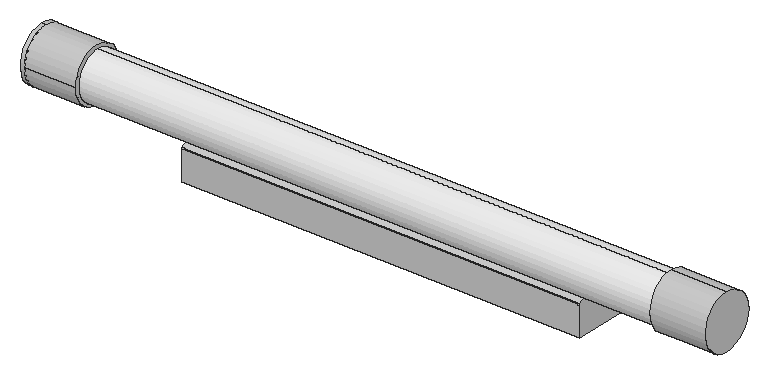
Revit family "2-5140-24 Zenith", category Lighting Fixtures, Revit 2014
Parameters
  Wattage = 5.60111 W
  built-in parameter 1150110 = 1 (stored number, unit not read)
  URL = "http://www.oxygenlighting.com"
  Type Comments = "Lighting - Fluorescent"
  built-in parameter 1114217 = 1 (stored number, unit not read)
  Tilt Angle = -90.00°
  built-in parameter 1150109 = 1 (stored number, unit not read)
  built-in parameter 1150134 = (empty or 0)
  built-in parameter 1150113 = 1 (stored number, unit not read)
  Product Documentation Link = "http://oxygenlighting.com.s3.amazonaws.com/downloads/cutsheets/2-5140-xx.pdf"
  Photometric Web File = "2-5140-24 Zenith 24 ITL77181.IES"
  Model = "2-5140-24"
  Metal Finish = Satin Nickel
  Manufacturer = "Oxygen Lighting"
  Lumens = 832 lm
  built-in parameter 1150115 = 1 (stored number, unit not read)
  built-in parameter 1150105 = 66.208 (stored number, unit not read)
  built-in parameter 1150137 = (empty or 0)
  built-in parameter 1150139 = (empty or 0)
  built-in parameter 1150112 = 1 (stored number, unit not read)
  Lamp Manufacturer = "Sylvania"
  built-in parameter 1150114 = 1 (stored number, unit not read)
  Lamp = "1x14W T-5 Fp14/841/ECO Linear Fluorescent"
  Junction Box = "2\"x3\" Juntion Box"
  Input Voltage (VAC) = "120.0"
  Power Factor = "0.99"
  Input Power (Watts) = 17.9 W
  Input Current (Amps AC) = ""
  built-in parameter 1150132 = 2
  built-in parameter 1150102 = (empty or 0)
  built-in parameter 1150138 = (empty or 0)
  built-in parameter 1150107 = 3000 (stored number, unit not read)
  built-in parameter 1150106 = 0.66208 (stored number, unit not read)
  Fixture Length = 2' - 0.10669"
  Fixture Height = 0' - 3.06337"
  Fixture Depth [instance] = 0' - 3.06337"
  Emit from Rectangle Width = 2' - 0"
  Emit from Rectangle Length = 4' - 0"
  Emit Shape Visible in Rendering = no
  Efficacy (lm/W) = ""
  built-in parameter 1150104 = 13.8 (stored number, unit not read)
  Dimming Lamp Color Temperature Shift = <None>
  Diffuser = Acrylic- Matte White
  Description = "24\" Vanity - 1xT-5 Linear fluorescent"
  Default Elevation = 4' - 0"
  Color Filter = 16777215
  Ballast Manufacturer = "Antron"
  built-in parameter 1114218 = 1 (stored number, unit not read)
  built-in parameter 1150133 = 10 (stored number, unit not read)
  Apparent Load = 17.9 VA
  ADA Compliant = no
Reference planes (in)
  plane 1 "Light Source Axis (F/B)": y = 0
  plane 2: z = 0
  plane 3 "Light Source Axis (L/R)": x = 0
  plane 4 "Light Source Elevation": z = 3.14481
  plane 5: y = 1.03159
  plane 6: y = -1.24966
  plane 7: y = -2.03179
  plane 8: x = -12.05335
  plane 9: x = 12.05335
  plane 10: x = -7
  plane 11: x = 7
  plane 12: z = 3.14481
Forms (in)
  Extrusion 1, solid, material "Satin Nickel" <- "Metal Finish"
    sketch origin (0, 0, 0) x (0, 1, 0) y (0, 0, 1)
      loop
        line (1.03159, 0) -> (0.02706, 1.73988)
        arc (0.02706, 1.73988) -> (0.00809, 1.75444) -> (-0.01562, 1.75132) r 0.03125
        line (-0.01562, 1.75132) -> (-1.23404, 1.04787)
        arc (-1.23404, 1.04787) -> (-1.24548, 1.03643) -> (-1.24966, 1.02081) r 0.03125
        line (-1.24966, 1.02081) -> (-1.24966, 0) -> (1.03159, 0)
    from -7 to 7
  Extrusion 2, solid, material "Satin Nickel" <- "Metal Finish"
    sketch origin (0, 0, 0) x (0, 1, 0) y (0, 0, 1)
      loop
        circle (-1.08691, 2.19993) r 0.94488
      loop
        circle (-1.08691, 2.19993) r 0.82677
    from -12.05335 to -10.10453
  Extrusion 3, solid, material "Satin Nickel" <- "Metal Finish"
    sketch origin (0, 0, 0) x (0, 1, 0) y (0, 0, 1)
      loop
        circle (-1.08691, 2.19993) r 0.94488
      loop
        circle (-1.08691, 2.19993) r 0.82677
    from 10.10453 to 12.05335
  Extrusion 4, solid, material "Acrylic- Matte White" <- "Diffuser"
    sketch origin (0, 0, 0) x (0, 1, 0) y (0, 0, 1)
      loop
        circle (-1.08691, 2.19993) r 0.82677
      loop
        circle (-1.08691, 2.19993) r 0.69375
    from -10.45 to 10.45
  Extrusion 5, solid, material "Satin Nickel" <- "Metal Finish"
    sketch origin (0, 0, 0) x (0, 1, 0) y (0, 0, 1)
      loop
        circle (-1.08691, 2.19993) r 0.94488
    from 11.90051 to 12.05335
  Extrusion 6, solid, material "Satin Nickel" <- "Metal Finish"
    sketch origin (0, 0, 0) x (0, 1, 0) y (0, 0, -1)
      loop
        circle (-1.08691, -2.19993) r 0.94488
    from 11.90051 to 12.05335
  Extrusion 7, solid, material "Satin Nickel" <- "Metal Finish", not visible
    sketch origin (0, 0, 0) x (0, 1, 0) y (0, 0, 1)
      loop
        line (1.03159, 0) -> (0.02706, 1.73988)
        arc (0.02706, 1.73988) -> (0.00809, 1.75444) -> (-0.01563, 1.75132) r 0.03125
        line (-0.01563, 1.75132) -> (-1.23404, 1.04787)
        arc (-1.23404, 1.04787) -> (-1.24548, 1.03643) -> (-1.24966, 1.02081) r 0.03125
        line (-1.24966, 1.02081) -> (-1.24966, 0) -> (1.03159, 0)
    from -7 to 7
  Extrusion 8, solid, material "Satin Nickel" <- "Metal Finish", not visible
    sketch origin (0, 0, 0) x (0, 1, 0) y (0, 0, 1)
      loop
        circle (-1.08691, 2.19993) r 0.94488
      loop
        circle (-1.08691, 2.19993) r 0.82677
    from -12.05335 to -10.10453
  Extrusion 9, solid, material "Satin Nickel" <- "Metal Finish", not visible
    sketch origin (0, 0, 0) x (0, 1, 0) y (0, 0, 1)
      loop
        circle (-1.08691, 2.19993) r 0.94488
      loop
        circle (-1.08691, 2.19993) r 0.82677
    from 10.10453 to 12.05335
  Extrusion 10, solid, material "Acrylic- Matte White" <- "Diffuser", not visible
    sketch origin (0, 0, 0) x (0, 1, 0) y (0, 0, 1)
      loop
        circle (-1.08691, 2.19993) r 0.82677
      loop
        circle (-1.08691, 2.19993) r 0.69375
    from -10.45 to 10.45
  Extrusion 11, solid, material "Satin Nickel" <- "Metal Finish", not visible
    sketch origin (0, 0, 0) x (0, 1, 0) y (0, 0, 1)
      loop
        circle (-1.08691, 2.19993) r 0.94488
    from 11.90051 to 12.05335
  Extrusion 12, solid, material "Satin Nickel" <- "Metal Finish", not visible
    sketch origin (0, 0, 0) x (0, 1, 0) y (0, 0, -1)
      loop
        circle (-1.08691, -2.19993) r 0.94488
    from 11.90051 to 12.05335
Cuts and joins
  joined: Extrusion 3, Extrusion 5
  joined: Extrusion 2, Extrusion 6
Dimensions and locks (in)
  "Fixture Height": plane 5 to plane 7
  "Fixture Length": plane 8 to plane 9
  plane 5 to plane 7 = 0' - 3.06337"
  plane 4 "Light Source Elevation" to plane 12 = 0' - 0"
  aligned and locked: plane 3 "Light Source Axis (L/R)" to imposter light
  aligned and locked: plane 1 "Light Source Axis (F/B)" to imposter light
  aligned and locked: plane 4 "Light Source Elevation" to imposter light
  aligned and locked: level to plane 2
  aligned and locked: plane 9 to Extrusion 5
Automatic sketch dimensions
  Extrusion 1 sketch curve to Extrusion 1 sketch curve = 0' - 0.70345"
  Extrusion 1 sketch curve to Extrusion 1 sketch curve = 0' - 0 1/64"  (x3)
  Extrusion 2 sketch curve to Extrusion 2 sketch curve = 0' - 0"  (x4)
  Extrusion 3 sketch curve to Extrusion 3 sketch curve = 0' - 0"  (x14)
  Extrusion 3 sketch curve to Extrusion 3 sketch curve = 0' - 0.82677"
  Extrusion 3 sketch curve to Extrusion 3 sketch curve = 0' - 0.11811"
  Extrusion 4 sketch curve to Extrusion 4 sketch curve = 0' - 0"  (x8)
  Extrusion 4 sketch curve to Extrusion 4 sketch curve = 0' - 0.82677"
  Extrusion 5 sketch curve to Extrusion 5 sketch curve = 0' - 0.94488"
  Extrusion 6 sketch curve to Extrusion 6 sketch curve = 0' - 0.94488"
  Extrusion 1 sketch curve to Extrusion 1 sketch curve = 0' - 0 1/32"
  Extrusion 1 sketch curve to Extrusion 1 sketch curve = 0' - 1.21841"
  Extrusion 1 sketch curve to Extrusion 1 sketch curve = 0' - 0.02706"
  Extrusion 1 sketch curve to Extrusion 1 sketch curve = 0' - 1.00452"
  Extrusion 1 sketch curve to Extrusion 1 sketch curve = 0' - 1.02081"
  Extrusion 7 sketch curve to Extrusion 7 sketch curve = 0' - 0.70345"
  Extrusion 7 sketch curve to Extrusion 7 sketch curve = 0' - 0 1/64"  (x3)
  Extrusion 8 sketch curve to Extrusion 8 sketch curve = 0' - 0"  (x4)
  Extrusion 9 sketch curve to Extrusion 9 sketch curve = 0' - 0"  (x14)
  Extrusion 9 sketch curve to Extrusion 9 sketch curve = 0' - 0.82677"
  Extrusion 9 sketch curve to Extrusion 9 sketch curve = 0' - 0.11811"
  Extrusion 10 sketch curve to Extrusion 10 sketch curve = 0' - 0"  (x8)
  Extrusion 10 sketch curve to Extrusion 10 sketch curve = 0' - 0.82677"
  Extrusion 11 sketch curve to Extrusion 11 sketch curve = 0' - 0.94488"
  Extrusion 12 sketch curve to Extrusion 12 sketch curve = 0' - 0.94488"
  Extrusion 7 sketch curve to Extrusion 7 sketch curve = 0' - 0 1/32"
  Extrusion 7 sketch curve to Extrusion 7 sketch curve = 0' - 1.21841"
  Extrusion 7 sketch curve to Extrusion 7 sketch curve = 0' - 0.02706"
  Extrusion 7 sketch curve to Extrusion 7 sketch curve = 0' - 1.00452"
  Extrusion 7 sketch curve to Extrusion 7 sketch curve = 0' - 1.02081"
  Extrusion 5 sketch curve to Extrusion 5 sketch curve = 0' - 0"  (x2)
  Extrusion 6 sketch curve to Extrusion 6 sketch curve = 0' - 0"  (x2)
  Extrusion 11 sketch curve to Extrusion 11 sketch curve = 0' - 0"  (x2)
  Extrusion 12 sketch curve to Extrusion 12 sketch curve = 0' - 0"  (x2)
  radius of Extrusion 2 sketch curve = 0' - 0.94488"
  radius of Extrusion 2 sketch curve = 0' - 0.82677"
  radius of Extrusion 4 sketch curve = 0' - 0.69375"
  radius of Extrusion 8 sketch curve = 0' - 0.94488"
  radius of Extrusion 8 sketch curve = 0' - 0.82677"
  radius of Extrusion 10 sketch curve = 0' - 0.69375"
